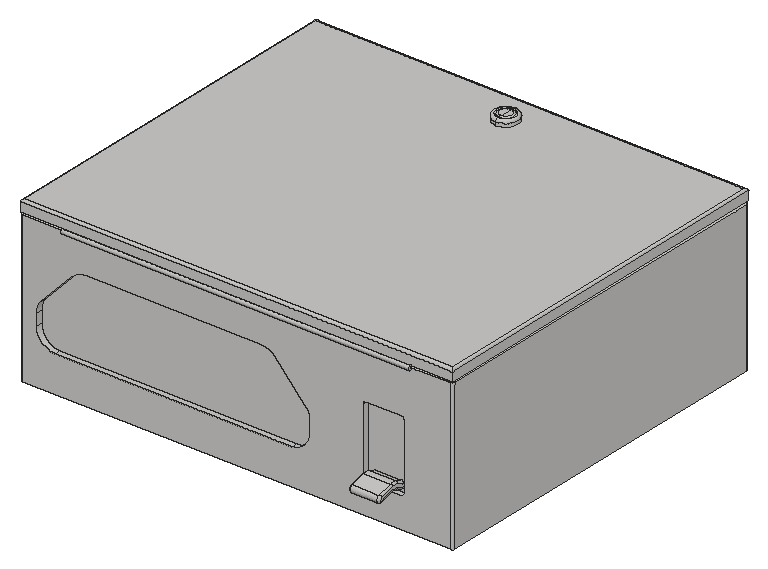
Revit family "PRD_AR_MltFnctnDspnsrs_RODANPaperTowelSoapDispenserCombination_RODX601", category Specialty Equipment, host Face, Revit 2018
Family settings
  Host = Face
  Round Connector Dimension = Use Diameter
  Part Type = Normal
  OmniClass Number = 23.40.20.21.17
  OmniClass Title = Paper Towel Dispensers, Disposal Units
  Cut with Voids When Loaded = Yes
  Shared = No
  Room Calculation Point = No
Parameters (values of type "RODX601")
  WarrantyStartDate [instance] = "1900-12-31T23:59:59"
  WarrantyGuarantorParts = "n/a"
  WarrantyGuarantorLabor = "n/a"
  WarrantyDurationUnit = "year"
  WarrantyDurationParts = "n/a"
  WarrantyDurationLabor = "n/a"
  WarrantyDescription = "n/a"
  Version = "1"
  Uniclass2015Version = "Products v1.10"
  Uniclass2015Title = "Multi-function dispensers"
  Uniclass2015Code = "Pr_40_70_22_52"
  URL = "www.kwc.com"
  TypeOfMounting = "Wall mounting"
  TypeOfFixing = "Screw"
  TypeOfConsumable2 = "Liquid soap"
  TypeOfConsumable1 = "Paper towel"
  TagNumber [instance] = "n/a"
  SustainabilityPerformance = "n/a"
  Style = "n/a"
  Size = "358 x 325 x 134 mm"
  Shape = "n/a"
  SerialNumber [instance] = "n/a"
  Revision = "n/a"
  ReplacementCost = "n/a"
  ProductInformation = "https://pim.kwc.com/product/2000101221/attachment/datasheet?locale=en"
  NominalWidth = 358.00 mm
  NominalHeight = 325.00 mm
  NominalDepth = 134.00 mm
  NetWeight = 3.47 kg
  Name = "Paper Towel Soap Dispenser Combination RODX601"
  NBSTypeID = "n/a"
  NBSReference = "45-35-72/384"
  NBSOfficeMasterTag = "n/a"
  NBSNote = "n/a"
  NBSDescription = "Multi-function dispensers"
  NBSCertification = "n/a"
  ModelReference = "RODX601"
  ModelNumber = "2000101221"
  Model = ModelReference  # "RODX601"
  MaterialThickness = "0.80 mm"
  MaterialCode = "1.4301"
  Material = "stainless steel"
  ManufacturerURL = "www.kwc.com\r\nwww.kwc.com"
  ManufacturerName = "KWC Group AG"  # constant formula
  Manufacturer = ManufacturerName  # "KWC Group AG"
  MainColor = "stainless steel"
  Lock2 = "Key-lock"
  Lock1 = "Key-lock"
  IsBuiltIn = "TRUE"
  IntegralAccessories = "incl. stainless steel screws and dowels"
  InstallationDate [instance] = "1900-12-31T23:59:59"
  IfcExportType = "USERDEFINED"
  IfcExportAs = "IfcFurnitureType"
  GrossWeight = 4.16 kg
  Grade = "n/a"
  Finish = "satin finished"
  FillingQuantity2Uom = "Liter"
  FillingQuantity2 = "0.8"
  FillingQuantity1Uom = "Pieces"
  FillingQuantity1 = "400"
  Features = "stainless steel, surface satin finished"
  ExpectedLife = "n/a"
  DurationUnit = "year"
  DispenserMaterial = PRD_AR_StainlessSteel_SatinFinished
  Description = "Paper towel, soap dispenser combination for wall mounting, stainless steel, surface satin finished, material thickness 0.8 mm, cylinder lock with KWC standard key, inspection windows on sides, paper towel dispenser with loading capacity 300 - 400 pcs. of paper depending on convolution, suitable for liquid soaps and lotions, 0.8 liter soap tank, pull lever, includes stainless steel screws and dowels."
  Default Elevation = 800.00 mm
  CreateOn = "11/2019"  # constant formula
  Constituents = "n/a"
  CombinationPart2 = "Soap dispenser"
  CombinationPart1 = "Paper towel dispenser"
  Color = "n/a"
  CodePerformance = "n/a"
  Category = "Pr_40_70_22_52, Multi-function dispensers"
  BarCode [instance] = "n/a"
  BIMObjectName = "PRD_AR_MultiFunctionDispensers_RODANPaperTowelSoapDispenserCombination_RODX601"
  Author = "Archispace"  # constant formula
  AssetType = "Fixed"
  AssetIdentifier [instance] = "n/a"
  AccessibilityPerformance = "n/a"
Reference planes
  plane 1 "Center (Front/Back)": y = 0
  plane 2: z = 0
  plane 3 "Center (Left/Right)": x = 0
  plane 4: z = 0
  plane 5: z = 0
Dimensions and locks
  aligned and locked: plane 2 to host face
  aligned and locked: level to host face
Nested families
  nested 1: "RODX601" at (-7.688, 0, 0), type "RODX601"
Definition of nested family "RODX601"
  Parameters (values of type "Family1")
    DispenserMaterial = none
  Reference planes
    plane 1 "Center (Front/Back)": y = 0
    plane 2: z = 0
    plane 3 "Center (Left/Right)": x = 0
    plane 4: z = 124.5
  Forms (mm)
    Extrusion 1, solid, material <- "DispenserMaterial", detail levels fine
      sketch origin (0, 0, 118) x (1, 0, 0) y (0, 1, 0)
        loop
          line (-179, 152.5) -> (-179, -152.5) -> (179, -152.5) -> (179, 152.5) -> (-179, 152.5)
      from 6.5 to 16
    Sweep 2, void
      path in 3D
        loop
          line (-179, 152.5, 134) -> (-179, -152.5, 134) -> (179, -152.5, 134) -> (179, 152.5, 134) -> (-179, 152.5, 134)
      profile origin (0, 152.5, 134) x (0, -1, 0) y (0, 0, 1)
        loop
          line (0, 0) -> (0, -2)
          arc (0, -2) -> (0.586, -0.586) -> (2, 0) r 2
          line (2, 0) -> (0, 0)
    Revolve 3, solid, material <- "DispenserMaterial", detail levels medium
      sketch origin (-0.02, -372.783, 120) x (0, 1, 0) y (0, 0, 1)
        loop
          line (508.475, 14) -> (508.475, 19.15) -> (498.5, 19.15) -> (498.5, 14) -> (508.475, 14)
        axis (498.5, 19.15) -> (498.5, 14)
      angle from 0 to 360
    Revolve 4, solid, material <- "DispenserMaterial", detail levels fine
      sketch origin (-0.02, -372.783, 120) x (0, 1, 0) y (0, 0, 1)
        loop
          line (508.475, 14) -> (508.475, 16.65)
          arc (508.475, 16.65) -> (507.889, 18.064) -> (506.475, 18.65) r 2
          line (506.475, 18.65) -> (504.716, 18.65)
          arc (504.716, 18.65) -> (504.35, 19.016) -> (503.85, 19.15) r 1
          line (503.85, 19.15) -> (498.5, 19.15) -> (498.5, 14) -> (508.475, 14)
        axis (498.5, 19.15) -> (498.5, 14)
      angle from 0 to 360
    Extrusion 5, solid, material <- "DispenserMaterial", detail levels fine
      sketch origin (0, 0, 6.885) x (0, 1, 0) y (0, 0, 1)
        loop
          line (-147.5, 20.334) -> (-147.5, 26.428) -> (-153.685, 28.42)
          arc (-153.685, 28.42) -> (-156.548, 28.9) -> (-159.429, 28.537) r 10
          line (-159.429, 28.537) -> (-170.866, 25.359)
          arc (-170.866, 25.359) -> (-172.884, 21.788) -> (-169.313, 19.771) r 2.9
          line (-169.313, 19.771) -> (-158.107, 22.885)
          arc (-158.107, 22.885) -> (-156.667, 23.066) -> (-155.235, 22.826) r 5
          line (-155.235, 22.826) -> (-147.5, 20.334)
      from 109.05 to 134.05
    Extrusion 6, void
      sketch origin (0, 0, 0) x (0, 1, 0) y (0, 0, 1)
        loop
          line (-102.5, 59.75) -> (-2.5, 59.75) -> (-2.5, 64.75) -> (-102.5, 64.75) -> (-102.5, 59.75)
      from -179 to -174
    Extrusion 7, solid, material <- "DispenserMaterial", detail levels fine
      sketch origin (0, 0, 0) x (1, 0, 0) y (0, 1, 0)
        loop
          line (-179, 150.5) -> (-179, -150.5)
          arc (-179, -150.5) -> (-178.414, -151.914) -> (-177, -152.5) r 2
          line (-177, -152.5) -> (177, -152.5)
          arc (177, -152.5) -> (178.414, -151.914) -> (179, -150.5) r 2
          line (179, -150.5) -> (179, 150.5)
          arc (179, 150.5) -> (178.414, 151.914) -> (177, 152.5) r 2
          line (177, 152.5) -> (-177, 152.5)
          arc (-177, 152.5) -> (-178.414, 151.914) -> (-179, 150.5) r 2
      from 0 to 124.5
    Extrusion 8, solid, material <- "DispenserMaterial", detail levels fine
      sketch origin (0, 0, 0) x (0, 1, 0) y (0, 0, 1)
        loop
          line (-152.5, 120.901) -> (-152.5, 124.599)
          arc (-152.5, 124.599) -> (-154.349, 122.75) -> (-152.5, 120.901) r 1.849
      from -143.7 to 143.8
    Sweep 9, void
      path in 3D
        loop
          line (109.05, -142.948, 25.753) -> (109.05, -155.235, 29.711)
          arc (109.05, -155.235, 29.711) -> (109.05, -156.667, 29.951) -> (109.05, -158.107, 29.77) r 5
          line (109.05, -158.107, 29.77) -> (109.05, -169.313, 26.656)
          arc (109.05, -169.313, 26.656) -> (109.05, -172.884, 28.673) -> (109.05, -170.866, 32.244) r 2.9
          line (109.05, -170.866, 32.244) -> (109.05, -159.429, 35.422)
          arc (109.05, -159.429, 35.422) -> (109.05, -156.548, 35.785) -> (109.05, -153.685, 35.305) r 10
          line (109.05, -153.685, 35.305) -> (109.05, -144.311, 32.285)
      profile origin (109.05, -148.998, 33.795) x (0, -0.306665, -0.951817) y (-1, 0, 0)
        loop
          line (0, 0) -> (0, -1.5)
          arc (0, -1.5) -> (0.588, -0.588) -> (1.5, 0) r 2.571
          line (1.5, 0) -> (0, 0)
        loop
          line (0, -25) -> (1.5, -25)
          arc (1.5, -25) -> (0.588, -24.412) -> (0, -23.5) r 2.571
          line (0, -23.5) -> (0, -25)
    Sweep 10, void
      path origin (0, 152.5, 124.5) x (0, 1, 0) y (-1, 0, 0)
        loop
          line (-305, -143.8) -> (-305, -177)
          arc (-305, -177) -> (-304.414, -178.414) -> (-303, -179) r 2
          line (-303, -179) -> (-2, -179)
          arc (-2, -179) -> (-0.586, -178.414) -> (0, -177) r 2
          line (0, -177) -> (0, 177)
          arc (0, 177) -> (-0.586, 178.414) -> (-2, 179) r 2
          line (-2, 179) -> (-303, 179)
          arc (-303, 179) -> (-304.414, 178.414) -> (-305, 177) r 2
          line (-305, 177) -> (-305, 143.7)
      profile origin (-179, 0, 124.5) x (1, 0, 0) y (0, 0, 1)
        loop
          line (0, 0) -> (0, -1.5) -> (1.5, 0) -> (0, 0)
    Extrusion 11, void
      sketch origin (0, 0, 0) x (1, 0, 0) y (0, 0, 1)
        loop
          arc (-161.46, 64.88) -> (-164.446, 60.148) -> (-165.49, 54.65) r 15
          line (-165.49, 54.65) -> (-165.49, 45)
          arc (-165.49, 45) -> (-161.097, 34.393) -> (-150.49, 30) r 15
          line (-150.49, 30) -> (45.51, 30)
          arc (45.51, 30) -> (56.117, 34.393) -> (60.51, 45) r 15
          line (60.51, 45) -> (60.51, 54.65)
          arc (60.51, 54.65) -> (59.466, 60.148) -> (56.48, 64.88) r 15
          line (56.48, 64.88) -> (31.069, 92.13)
          arc (31.069, 92.13) -> (26.08, 95.656) -> (20.099, 96.9) r 15
          line (20.099, 96.9) -> (-125.079, 96.9)
          arc (-125.079, 96.9) -> (-131.06, 95.656) -> (-136.049, 92.13) r 15
          line (-136.049, 92.13) -> (-161.46, 64.88)
        loop
          arc (104.66, 28) -> (105.539, 25.879) -> (107.66, 25) r 3
          line (107.66, 25) -> (135.66, 25)
          arc (135.66, 25) -> (137.781, 25.879) -> (138.66, 28) r 3
          line (138.66, 28) -> (138.66, 82)
          arc (138.66, 82) -> (137.781, 84.121) -> (135.66, 85) r 3
          line (135.66, 85) -> (107.66, 85)
          arc (107.66, 85) -> (105.539, 84.121) -> (104.66, 82) r 3
          line (104.66, 82) -> (104.66, 28)
      from 147.5 to 152.5
    Extrusion 12, solid, material <- "DispenserMaterial", detail levels medium
      sketch origin (0, 0, 118) x (1, 0, 0) y (0, 1, 0)
        loop
          line (-179, 152.5) -> (-179, -152.5) -> (179, -152.5) -> (179, 152.5) -> (-179, 152.5)
      from 6.5 to 16
    Extrusion 13, solid, material <- "DispenserMaterial", detail levels medium
      sketch origin (0, 0, 0) x (1, 0, 0) y (0, 1, 0)
        loop
          line (-179, 150.5) -> (-179, -150.5)
          arc (-179, -150.5) -> (-178.414, -151.914) -> (-177, -152.5) r 2
          line (-177, -152.5) -> (177, -152.5)
          arc (177, -152.5) -> (178.414, -151.914) -> (179, -150.5) r 2
          line (179, -150.5) -> (179, 150.5)
          arc (179, 150.5) -> (178.414, 151.914) -> (177, 152.5) r 2
          line (177, 152.5) -> (-177, 152.5)
          arc (-177, 152.5) -> (-178.414, 151.914) -> (-179, 150.5) r 2
      from 0 to 124.5
    Extrusion 14, solid, material <- "DispenserMaterial", detail levels medium
      sketch origin (0, 0, 0) x (0, 1, 0) y (0, 0, 1)
        loop
          line (-152.5, 34.924) -> (-172.923, 34.924) -> (-172.923, 28.83) -> (-152.5, 28.83) -> (-152.5, 34.924)
      from 109.05 to 134.05
    Extrusion 15, solid, material <- "DispenserMaterial", detail levels coarse
      sketch origin (0, 0, 0) x (1, 0, 0) y (0, 1, 0)
        loop
          line (-179, 150.5) -> (-179, -150.5)
          arc (-179, -150.5) -> (-178.414, -151.914) -> (-177, -152.5) r 2
          line (-177, -152.5) -> (177, -152.5)
          arc (177, -152.5) -> (178.414, -151.914) -> (179, -150.5) r 2
          line (179, -150.5) -> (179, 150.5)
          arc (179, 150.5) -> (178.414, 151.914) -> (177, 152.5) r 2
          line (177, 152.5) -> (-177, 152.5)
          arc (-177, 152.5) -> (-178.414, 151.914) -> (-179, 150.5) r 2
      from 0 to 134
  Cuts and joins
    Sweep 2 cuts Extrusion 1
    Extrusion 6, Sweep 10, Extrusion 11 cuts Extrusion 7
    Sweep 9 cuts Extrusion 5
  Lines and regions (mm)
    sketch lines
      curve 1: line (179, 152.5, 134) -> (-179, 152.5, 134)
      curve 2: line (179, -152.5, 134) -> (179, 152.5, 134)
      curve 3: line (-179, -152.5, 134) -> (179, -152.5, 134)
      curve 4: line (-179, 152.5, 134) -> (-179, -152.5, 134)
      curve 5: line (109.05, -153.685, 35.305) -> (109.05, -144.311, 32.285)
      curve 6: arc (109.05, -153.685, 35.305) -> (109.05, -156.548, 35.785) -> (109.05, -159.429, 35.422) r 10
      curve 7: line (109.05, -170.866, 32.244) -> (109.05, -159.429, 35.422)
      curve 8: arc (109.05, -170.866, 32.244) -> (109.05, -172.884, 28.673) -> (109.05, -169.313, 26.656) r 2.9
      curve 9: line (109.05, -158.107, 29.77) -> (109.05, -169.313, 26.656)
      curve 10: arc (109.05, -158.107, 29.77) -> (109.05, -156.667, 29.951) -> (109.05, -155.235, 29.711) r 5
      curve 11: line (109.05, -142.948, 25.753) -> (109.05, -155.235, 29.711)
  Dimensions and locks
    aligned and locked: level to plane 2
